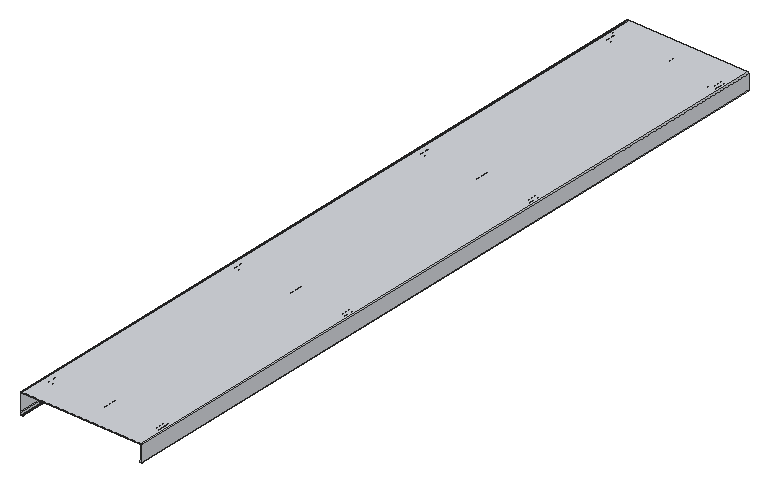
Revit family "AT400", category 一般モデル, Revit 2020
Family settings
  鉄筋をホスト可能 = いいえ
  丸型コネクタ寸法 = 直径を使用
  パーツ タイプ = 標準
  作業面ベース = いいえ
  常に垂直 = はい
  ロード時にボイドで切り取り = いいえ
  共有 = いいえ
  部屋計算ポイント = いいえ
Parameters
  笠木長さ [instance] = 2500 mm
  既定の高さ = 0 mm
  定尺笠木長さ = 4000 mm
  固定金具数 [instance] = 4
  判定 [instance] = if(笠木長さ > 4000 mm, 定尺笠木長さ, 笠木長さ)  # 2500 mm
Reference planes
  plane 1 "中心(正面/背面)": y = 0
  plane 2: z = 0
  plane 3 "中心(左/右)": x = 0
  plane 4: x = 200
  plane 5: x = -200
  plane 6: z = -43
  plane 7: y = -2500
  plane 8: y = -100
  plane 9: y = -2400
Forms (mm)
  Extrusion 1, solid
    sketch origin (-205.648, 0, -153.218) x (1, 0, 0) y (0, 0, 1)
      loop
        arc (8.76, 180.098) -> (6.567, 179.261) -> (5.648, 177.101) r 3
        line (5.648, 177.101) -> (5.648, 110.718)
        arc (5.648, 110.718) -> (5.794, 110.365) -> (6.148, 110.218) r 0.5
        line (6.148, 110.218) -> (12.648, 110.218)
        arc (12.648, 110.218) -> (13.001, 110.365) -> (13.148, 110.718) r 0.5
        line (13.148, 110.718) -> (13.148, 112.718)
        arc (13.148, 112.718) -> (12.969, 113.101) -> (12.561, 113.211) r 0.5
        line (12.561, 113.211) -> (8.648, 113.211) -> (8.648, 118.218) -> (8.148, 123.233) -> (8.148, 175.547)
        arc (8.148, 175.547) -> (8.76, 176.987) -> (10.223, 177.545) r 2
        line (10.223, 177.545) -> (401.223, 162.883)
        arc (401.223, 162.883) -> (402.588, 162.272) -> (403.148, 160.884) r 2
        line (403.148, 160.884) -> (403.148, 123.233) -> (402.648, 118.218) -> (402.648, 113.211) -> (398.734, 113.211)
        arc (398.734, 113.211) -> (398.326, 113.101) -> (398.148, 112.718) r 0.5
        line (398.148, 112.718) -> (398.148, 110.718)
        arc (398.148, 110.718) -> (398.294, 110.365) -> (398.648, 110.218) r 0.5
        line (398.648, 110.218) -> (405.148, 110.218)
        arc (405.148, 110.218) -> (405.501, 110.365) -> (405.648, 110.718) r 0.5
        line (405.648, 110.718) -> (405.648, 162.326)
        arc (405.648, 162.326) -> (404.808, 164.407) -> (402.76, 165.323) r 3
        line (402.76, 165.323) -> (8.76, 180.098)
    from 0 to 2500
  Extrusion 2, solid, not visible
    sketch origin (0, 0, 0) x (1, 0, 0) y (0, 0, 1)
      loop
        arc (8.76, 180.098) -> (6.567, 179.261) -> (5.648, 177.101) r 3
        line (5.648, 177.101) -> (5.648, 110.718)
        arc (5.648, 110.718) -> (5.794, 110.365) -> (6.148, 110.218) r 0.5
        line (6.148, 110.218) -> (12.648, 110.218)
        arc (12.648, 110.218) -> (13.001, 110.365) -> (13.148, 110.718) r 0.5
        line (13.148, 110.718) -> (13.148, 112.718)
        arc (13.148, 112.718) -> (12.969, 113.101) -> (12.561, 113.211) r 0.5
        line (12.561, 113.211) -> (8.648, 113.211) -> (8.648, 118.218) -> (8.148, 123.233) -> (8.148, 175.547)
        arc (8.148, 175.547) -> (8.76, 176.987) -> (10.223, 177.545) r 2
        line (10.223, 177.545) -> (401.223, 162.883)
        arc (401.223, 162.883) -> (402.588, 162.272) -> (403.148, 160.884) r 2
        line (403.148, 160.884) -> (403.148, 123.233) -> (402.648, 118.218) -> (402.648, 113.211) -> (398.734, 113.211)
        arc (398.734, 113.211) -> (398.326, 113.101) -> (398.148, 112.718) r 0.5
        line (398.148, 112.718) -> (398.148, 110.718)
        arc (398.148, 110.718) -> (398.294, 110.365) -> (398.648, 110.218) r 0.5
        line (398.648, 110.218) -> (405.148, 110.218)
        arc (405.148, 110.218) -> (405.501, 110.365) -> (405.648, 110.718) r 0.5
        line (405.648, 110.718) -> (405.648, 162.326)
        arc (405.648, 162.326) -> (404.808, 164.407) -> (402.76, 165.323) r 3
        line (402.76, 165.323) -> (8.76, 180.098)
    from 0 to 250
Dimensions and locks
  locked: plane 6 to plane 2 at 43
  locked: plane 5 to plane 3 "中心(左/右)" at 200
  plane 4 to plane 5 = 400 mm
  "笠木長さ": plane 7 to plane 1 "中心(正面/背面)"
  locked: plane 8 to plane 1 "中心(正面/背面)" at 100
  locked: plane 9 to plane 7 at 100
  locked: plane 8 to nested 1 at 25
  equal spacing: group 2, group 4, group 5, group 3  (x2)
  equal spacing: group 3, group 5, group 4, group 2
  locked: nested 2 to plane 9 at 25
  "判定": Extrusion 1 to plane 1 "中心(正面/背面)"
  aligned and locked: level to plane 2
  aligned and locked: Extrusion 1 to plane 5
  aligned and locked: plane 6 to Extrusion 1
  aligned and locked: plane 7 to Extrusion 1
Automatic sketch dimensions
  Extrusion 1 sketch curve to plane 5 = 0 mm
  Extrusion 1 sketch curve to plane 6 = 0 mm  (x2)
  Extrusion 1 sketch curve to plane 4 = 0 mm
  plane 5 to Extrusion 1 sketch curve = 0.5 mm
  plane 5 to Extrusion 1 sketch curve = 2.5 mm
  plane 5 to Extrusion 1 sketch curve = 3 mm
  Extrusion 1 sketch curve to Extrusion 1 sketch curve = 0.5 mm  (x3)
  Extrusion 1 sketch curve to Extrusion 1 sketch curve = 0.112 mm
  Extrusion 1 sketch curve to Extrusion 1 sketch curve = 2 mm  (x3)
  Extrusion 1 sketch curve to Extrusion 1 sketch curve = 1.575 mm
  Extrusion 1 sketch curve to Extrusion 1 sketch curve = 3.914 mm
  Extrusion 1 sketch curve to plane 6 = 0.5 mm
  Extrusion 1 sketch curve to Extrusion 1 sketch curve = 0.086 mm  (x3)
  Extrusion 1 sketch curve to plane 4 = 7.5 mm
  Extrusion 1 sketch curve to plane 4 = 4.5 mm
  Extrusion 1 sketch curve to Extrusion 1 sketch curve = 0.075 mm
  Extrusion 1 sketch curve to plane 4 = 3 mm
  Extrusion 1 sketch curve to Extrusion 1 sketch curve = 1.425 mm
  Extrusion 1 sketch curve to Extrusion 1 sketch curve = 1.537 mm
  Extrusion 1 sketch curve to plane 4 = 2.5 mm
  Extrusion 1 sketch curve to plane 4 = 0.5 mm
  Extrusion 1 sketch curve to Extrusion 1 sketch curve = 5.007 mm  (x2)
  Extrusion 1 sketch curve to Extrusion 1 sketch curve = 5.015 mm  (x2)
  level to Extrusion 1 sketch curve = 7.666 mm
  Extrusion 1 sketch curve to Extrusion 1 sketch curve = 1.441 mm
  level to Extrusion 1 sketch curve = 22.328 mm
  Extrusion 1 sketch curve to Extrusion 1 sketch curve = 1.554 mm
Nested families
  nested 1: "ATAF400" at (0, -75, 0), type "ATAF400"
  nested 2: "ATAF400" at (0, -2375, 0), type "ATAF400"
  nested 3: "ATAF400" at (0, -841.667, 0), type "ATAF400"
  nested 4: "ATAF400" at (0, -1608.333, 0), type "ATAF400"
Definition of nested family "ATAF400"
  Parameters (values of type "ATAF400")
    Default Elevation = 0 mm
  Reference planes
    plane 1 "中心(正面/背面)": y = 0
    plane 2: z = 0
    plane 3 "中心(左/右)": x = 0
  Forms (mm)
    Extrusion 1, solid
      sketch origin (-412.982, 0, -515.273) x (1, 0, 0) y (0, 0, 1)
        loop
          line (609.982, 486.605) -> (600.23, 526.077) -> (578.232, 526.901) -> (578.232, 521.843)
          arc (578.232, 521.843) -> (577.731, 520.724) -> (576.563, 520.353) r 1.5
          line (576.563, 520.353) -> (562.966, 521.773) -> (546.335, 521.773) -> (507.912, 521.733) -> (502.705, 518.773) -> (422.982, 518.773) -> (422.982, 521.773) -> (420.982, 521.773) -> (420.982, 518.773) -> (413.982, 518.773) -> (413.982, 530.557) -> (422.982, 530.22) -> (422.982, 532.221) -> (412.982, 532.596) -> (402.982, 532.971) -> (402.982, 530.97) -> (411.982, 530.632) -> (411.982, 518.773) -> (404.982, 518.773) -> (404.982, 521.773) -> (402.982, 521.773) -> (402.982, 518.773) -> (323.108, 518.813) -> (317.901, 521.773) -> (274.129, 521.773) -> (263.018, 521.771) -> (254.7, 520.685)
          arc (254.7, 520.685) -> (251.929, 521.517) -> (250.732, 524.152) r 3.5
          line (250.732, 524.152) -> (250.729, 531.293) -> (249.732, 538.736) -> (225.732, 540.116) -> (215.982, 484.982) -> (215.982, 478.595) -> (218.231, 478.595) -> (218.238, 480.854) -> (228.567, 532.034)
          arc (228.567, 532.034) -> (229.866, 534.117) -> (232.213, 534.835) r 3.5
          line (232.213, 534.835) -> (243.475, 534.188)
          arc (243.475, 534.188) -> (245.15, 533.408) -> (245.832, 531.692) r 2.5
          line (245.832, 531.692) -> (245.801, 515.273) -> (583.232, 515.273) -> (583.232, 520.402)
          arc (583.232, 520.402) -> (584.186, 521.53) -> (585.61, 521.921) r 2.5
          line (585.61, 521.921) -> (594.59, 521.585)
          arc (594.59, 521.585) -> (596.636, 520.841) -> (597.846, 519.031) r 3.5
          line (597.846, 519.031) -> (607.732, 483.344) -> (607.732, 478.595) -> (609.982, 478.595) -> (609.982, 486.605)
      from 0 to 50
  Dimensions and locks
    Extrusion 1 to plane 3 "中心(左/右)" = 197 mm
    Extrusion 1 to level = 0 mm
    aligned and locked: level to plane 2
